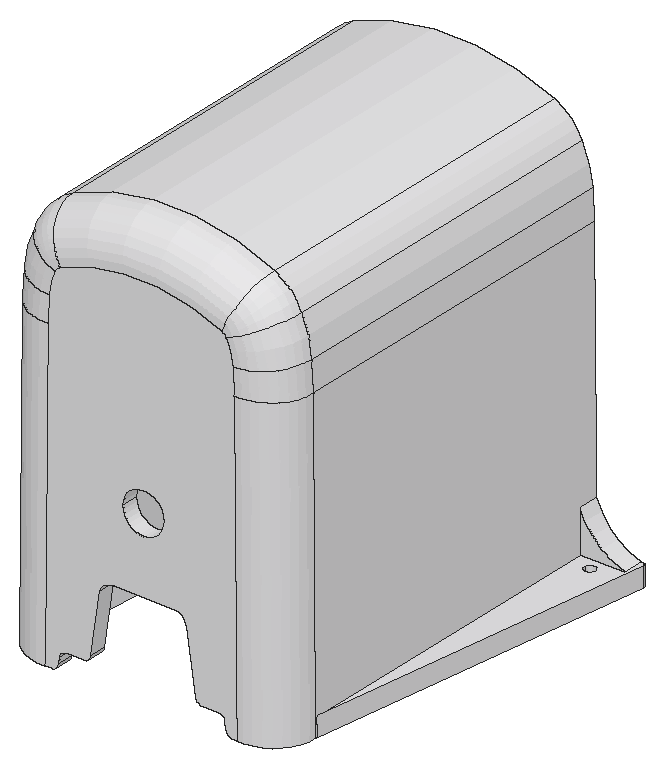
Revit family "Sink-Semipedestal-Lavatory-KOHLER-Panache-17154W", category Specialty Equipment, host Face, Revit 2017
Family settings
  Host = Face
  Round Connector Dimension = Use Diameter
  Part Type = Normal
  OmniClass Number = 23.31.13.00
  OmniClass Title = Sinks
  Cut with Voids When Loaded = No
  Shared = No
  Room Calculation Point = No
Parameters (values of type "0-White")
  Width = 10 193/256"  # constant formula
  WaterSense Certified = 1 = 0  # no
  URL = "https://www.kohler.co.uk/"
  Type = 1
  Product Page URL = "https://www.kohler.co.uk/candide-semi-pedestal-for-candide/"
  Product Name = "Panache"  # constant formula
  Product Documentation Link = ""
  Model = "17154W-0"  # constant formula
  Material = "Vitreous China"  # constant formula
  Master Format 2014 Name = "Residential Lavatories and Sinks"  # constant formula
  Master Format 2014 = "22 41 16"  # constant formula
  Manufacturer Address = "Cromwell Road, Cheltenham, Gloucestershire. GL52 5EP Registered in England No. 252115"  # constant formula
  Manufacturer = "KOHLER Co."  # constant formula
  Length = 12 13/128"  # constant formula
  Height = 11 9/64"  # constant formula
  Finish = Kohler-Vitreous_China-0-White
  Environmental Product Declaration = ""
  Description = "Semi-pedestal for Candide"  # constant formula
  Default Elevation = 25"
  Declare Label = ""
  Date Modified = "04/29/2021"  # constant formula
  Date Created = "04/29/2021"  # constant formula
  Copyright = "Copyright KOHLER Co."  # constant formula
  Contact Us = "https://www.kohler.co.uk/support/contact/"
  Assembly Code = "D2010400"
  ADA Compliant = 1 = 0  # no
Reference planes (in)
  plane 1 "Center (Front/Back)": y = 0
  plane 2: z = 0
  plane 3 "Center (Left/Right)": x = 0
  plane 4: z = 12.10156
  plane 5: z = 11.09069
  plane 6: z = 8.93764
  plane 7: z = 4.84252
  plane 8: z = 2.55906
  plane 9: y = -11.14063
  plane 10: x = -5.37614
  plane 11: x = 5.37777
  plane 12: x = -4.52756
  plane 13: x = 4.52756
  plane 14: y = -0.94488
Dimensions and locks (in)
  "Width": plane 11 to plane 10
  "Length": plane 4 to level
  "Height": plane 1 "Center (Front/Back)" to plane 9
  plane 12 to plane 13 = 9.05512"
  plane 10 to plane 11 = 10 193/256"
  plane 9 to plane 1 "Center (Front/Back)" = 11 9/64"
  plane 14 to plane 1 "Center (Front/Back)" = 0.94488"
  aligned and locked: plane 2 to host face
  aligned and locked: level to host face
Automatic sketch dimensions
  host sketch curve to host sketch curve = 96"  (x2)
Nested families (in)
  nested 1: "17154W" at (0, -11.14173, 8.93764) x (1, 0, 0) z (0, 1, 0), type "17154W"
Definition of nested family "17154W"
  Parameters (values of type "17154W")
    Material = none
    Default Elevation = 48"
  Reference planes (in)
    plane 1 "Center (Front/Back)": y = 0
    plane 2: z = 0
    plane 3 "Center (Left/Right)": x = 0
    plane 4: y = -2.15305
    plane 5: y = 8.93764
    plane 6: y = 4.09512
    plane 7: y = -3.16435
    plane 8: z = 11.14173
    plane 9: y = 6.37858
    plane 10: x = -4.52756
    plane 11: x = 4.52756
    plane 12: x = -5.37614
    plane 13: x = 5.37614
    plane 14: z = 10.19685
  Forms (in)
    Extrusion 1, solid, material <- "Material", detail levels medium+fine
      sketch origin (0, 0, 0) x (1, 0, 0) y (0, 0, 1)
        loop
          line (3.95432, 1.20423) -> (5.34748, 11.06487)
          arc (5.34748, 11.06487) -> (5.33162, 11.11852) -> (5.28072, 11.14173) r 0.06743
          line (5.28072, 11.14173) -> (3.95432, 11.14173) -> (3.95432, 1.20423)
      from -8.94321 to -8.38646
    Sweep 2, solid, material <- "Material", detail levels medium+fine
      path origin (0, 0, 0) x (1, 0, 0) y (0, 1, 0)
        loop
          line (3.96047, 8.93764) -> (3.88845, 0.17597)
          arc (3.88845, 0.17597) -> (3.87549, -0.24591) -> (3.84359, -0.66678) r 9.39005
          arc (3.84359, -0.66678) -> (3.74153, -1.22657) -> (3.54919, -1.76209) r 3.46403
          arc (3.54919, -1.76209) -> (3.22789, -2.22637) -> (2.76471, -2.54923) r 1.59137
          arc (2.76471, -2.54923) -> (-0.08712, -3.17261) -> (-2.93895, -2.54923) r 6.835
          arc (-2.93895, -2.54923) -> (-3.40213, -2.22637) -> (-3.72343, -1.76209) r 1.59137
          arc (-3.72343, -1.76209) -> (-3.91577, -1.22657) -> (-4.01783, -0.66678) r 3.46403
          arc (-4.01783, -0.66678) -> (-4.04973, -0.24591) -> (-4.06269, 0.17597) r 9.39005
          line (-4.06269, 0.17597) -> (-4.13471, 8.93764)
      profile origin (3.92446, 4.5568, 0) x (0.999966, -0.00822, 0) y (0, 0, 1)
        loop
          line (-0.00548, 11.14173) -> (-0.56752, 11.14173) -> (-0.56752, 1.1851)
          arc (-0.56752, 1.1851) -> (-0.79564, 0.66574) -> (-1.32569, 0.46373) r 0.73457
          line (-1.32569, 0.46373) -> (-1.32569, 0)
          arc (-1.32569, 0) -> (-0.40134, 0.29707) -> (-0.00548, 1.18363) r 1.1907
          line (-0.00548, 1.18363) -> (-0.00548, 11.14173)
    Extrusion 3, solid, material <- "Material", detail levels medium+fine
      sketch origin (0, 0, 0) x (1, 0, 0) y (0, 1, 0)
        loop
          line (2.63473, 8.93764) -> (-2.80897, 8.93764) -> (-2.73704, 0.18687)
          arc (-2.73704, 0.18687) -> (-2.72591, -0.17545) -> (-2.69852, -0.53691) r 8.06435
          arc (-2.69852, -0.53691) -> (-2.63551, -0.88246) -> (-2.51678, -1.21304) r 2.13833
          arc (-2.51678, -1.21304) -> (-2.46314, -1.29055) -> (-2.38582, -1.34445) r 0.26567
          arc (-2.38582, -1.34445) -> (-0.08712, -1.84691) -> (2.21158, -1.34445) r 5.50931
          arc (2.21158, -1.34445) -> (2.2889, -1.29055) -> (2.34254, -1.21304) r 0.26567
          arc (2.34254, -1.21304) -> (2.46127, -0.88246) -> (2.52428, -0.53691) r 2.13833
          arc (2.52428, -0.53691) -> (2.55167, -0.17545) -> (2.5628, 0.18687) r 8.06435
          line (2.5628, 0.18687) -> (2.63473, 8.93764)
      from 0 to 0.46373
    Extrusion 4, void
      sketch origin (0.09843, 0, 0) x (1, 0, 0) y (0, 1, 0)
        loop
          line (1.1197, 6.54828) -> (1.37121, 8.2437)
          arc (1.37121, 8.2437) -> (1.43498, 8.35955) -> (1.55894, 8.40563) r 0.18978
          line (1.55894, 8.40563) -> (2.02165, 8.40563)
          arc (2.02165, 8.40563) -> (2.15023, 8.45342) -> (2.21637, 8.5736) r 0.19685
          line (2.21637, 8.5736) -> (2.24546, 8.76967)
          arc (2.24546, 8.76967) -> (2.3116, 8.88985) -> (2.44018, 8.93764) r 0.19685
          line (2.44018, 8.93764) -> (-2.71909, 8.93764)
          arc (-2.71909, 8.93764) -> (-2.59051, 8.88985) -> (-2.52437, 8.76967) r 0.19685
          line (-2.52437, 8.76967) -> (-2.49528, 8.5736)
          arc (-2.49528, 8.5736) -> (-2.42914, 8.45342) -> (-2.30056, 8.40563) r 0.19685
          line (-2.30056, 8.40563) -> (-1.79473, 8.40563)
          arc (-1.79473, 8.40563) -> (-1.66616, 8.35784) -> (-1.60001, 8.23767) r 0.19685
          line (-1.60001, 8.23767) -> (-1.33968, 6.48276)
          arc (-1.33968, 6.48276) -> (-1.21136, 6.30011) -> (-1.00369, 6.21828) r 0.38835
          arc (-1.00369, 6.21828) -> (-0.1178, 6.18111) -> (0.76809, 6.21828) r 10.57691
          arc (0.76809, 6.21828) -> (1.00132, 6.32209) -> (1.1197, 6.54828) r 0.38835
      from -0.29725 to 0.7874
    Extrusion 5, void
      sketch origin (0, 0, 0) x (1, 0, 0) y (0, 1, 0)
        loop
          circle (0, 4.07666) r 0.59055
      from -0.94089 to 1.65465
    Extrusion 6, void
      sketch origin (-0.1162, 0, 0.03691) x (-1, 0, 0) y (0, 0, -1)
        loop
          circle (-4.64376, -10.15791) r 0.15626
      from -10.66406 to -7.74527
    Extrusion 7, void
      sketch origin (0.1162, 0, 0.03691) x (1, 0, 0) y (0, 0, 1)
        loop
          circle (-4.64376, 10.15791) r 0.15626
      from -10.66406 to -7.74527
    Extrusion 8, solid, material <- "Material", detail levels medium+fine
      sketch origin (-0.17424, 0, 0) x (-1, 0, 0) y (0, 0, -1)
        loop
          arc (2.49999, -10.40472) -> (2.55404, -10.55675) -> (2.70336, -10.6179) r 0.19774
          arc (2.70336, -10.6179) -> (2.8112, -10.61849) -> (2.9187, -10.62704) r 1.45857
          arc (2.9187, -10.62704) -> (3.01719, -10.64197) -> (3.11442, -10.66359) r 1.45857
          arc (3.11442, -10.66359) -> (3.23882, -10.72421) -> (3.3297, -10.82856) r 0.34749
          arc (3.3297, -10.82856) -> (3.351, -10.88207) -> (3.35699, -10.93934) r 0.21048
          arc (3.35699, -10.93934) -> (3.36477, -11.02131) -> (3.39297, -11.09867) r 0.32379
          line (3.39297, -11.09867) -> (3.39297, -1.1851)
          spline (3.39297, -1.1851) -> (3.38525, -1.09094) -> (3.36551, -0.99855) -> (3.33407, -0.90945) -> (3.29146, -0.82513) -> (3.23838, -0.74698) -> (3.17571, -0.67628) -> (3.10448, -0.61421) -> (3.02588, -0.5618) -> (2.94119, -0.51991) -> (2.85184, -0.48924) -> (2.75928, -0.47029) -> (2.66506, -0.46338)
          arc (2.66506, -0.46338) -> (3.06606, -0.69157) -> (3.22026, -1.12642) r 0.66132
          arc (3.22026, -1.12642) -> (3.21463, -1.30597) -> (3.20334, -1.48525) r 5.69005
          line (3.20334, -1.48525) -> (2.49999, -10.40472)
      from -8.93764 to -8.38646
    Extrusion 9, solid, material <- "Material", detail levels medium+fine
      sketch origin (0.00661, 0, 0) x (1, 0, 0) y (0, 0, 1)
        loop
          line (2.49999, 10.40472) -> (3.20334, 1.48525)
          arc (3.20334, 1.48525) -> (3.21463, 1.30597) -> (3.22026, 1.12642) r 5.69005
          arc (3.22026, 1.12642) -> (3.06606, 0.69157) -> (2.66506, 0.46338) r 0.66132
          spline (2.66506, 0.46338) -> (2.75214, 0.46934) -> (2.83789, 0.48558) -> (2.92112, 0.51189) -> (3.00063, 0.54788) -> (3.07532, 0.59304) -> (3.14412, 0.64675) -> (3.20606, 0.70824) -> (3.26028, 0.77664) -> (3.306, 0.85099) -> (3.34258, 0.93024) -> (3.3695, 1.01327) -> (3.38638, 1.09891)
          line (3.38638, 1.09891) -> (3.38638, 11.08516)
          arc (3.38638, 11.08516) -> (3.3632, 11.01396) -> (3.35699, 10.93934) r 0.32379
          arc (3.35699, 10.93934) -> (3.351, 10.88207) -> (3.3297, 10.82856) r 0.21048
          arc (3.3297, 10.82856) -> (3.23882, 10.72421) -> (3.11442, 10.66359) r 0.34749
          arc (3.11442, 10.66359) -> (3.01719, 10.64197) -> (2.9187, 10.62704) r 1.45857
          arc (2.9187, 10.62704) -> (2.8112, 10.61849) -> (2.70336, 10.6179) r 1.45857
          arc (2.70336, 10.6179) -> (2.55404, 10.55675) -> (2.49999, 10.40472) r 0.19774
      from -8.93764 to -8.38646
    Extrusion 10, solid, material <- "Material", detail levels medium+fine
      sketch origin (-0.16609, 0, 0) x (-1, 0, 0) y (0, 0, -1)
        loop
          line (3.95432, -2.09401) -> (3.95432, -11.14173) -> (5.15501, -11.14173)
          arc (5.15501, -11.14173) -> (5.20591, -11.11852) -> (5.22177, -11.06487) r 0.06743
          line (5.22177, -11.06487) -> (3.95432, -2.09401)
      from -8.94321 to -8.38646
    Extrusion 11, solid, material <- "Material", detail levels medium+fine
      sketch origin (0, 0, 0) x (1, 0, 0) y (0, 1, 0)
        loop
          arc (3.94029, 7.1637) -> (4.43352, 7.92022) -> (5.20667, 8.38695) r 2.02426
          line (5.20667, 8.38695) -> (3.94029, 8.38695) -> (3.94029, 7.1637)
      from 10.56371 to 11.14173
    Extrusion 12, solid, material <- "Material", detail levels medium+fine
      sketch origin (-0.04921, 0, 0) x (-1, 0, 0) y (0, -1, 0)
        loop
          line (4.0712, -7.42762) -> (4.0712, -8.38695) -> (5.31612, -8.38695)
          arc (5.31612, -8.38695) -> (4.59675, -8.03304) -> (4.0712, -7.42762) r 2.02426
      from 10.56371 to 11.14173
    Extrusion 13, solid, material <- "Material", detail levels coarse
      sketch origin (0, 0, 0) x (1, 0, 0) y (0, 1, 0)
        loop
          line (-5.38852, 8.94321) -> (-5.38852, 8.35266)
          arc (-5.38852, 8.35266) -> (-4.72706, 8.0891) -> (-4.21884, 7.59041) r 1.80645
          line (-4.21884, 7.59041) -> (-4.21884, 0)
          arc (-4.21884, 0) -> (-4.11935, -0.96354) -> (-3.8251, -1.88642) r 4.71588
          arc (-3.8251, -1.88642) -> (-0.04921, -3.69246) -> (3.72668, -1.88642) r 4.85014
          arc (3.72668, -1.88642) -> (4.02093, -0.96354) -> (4.12041, 0) r 4.71588
          line (4.12041, 0) -> (4.12041, 7.42762)
          arc (4.12041, 7.42762) -> (4.64875, 8.03507) -> (5.38852, 8.35266) r 1.80645
          line (5.38852, 8.35266) -> (5.38852, 8.94321) -> (-5.38852, 8.94321)
      from 0 to 11.36231
    Extrusion 14, void
      sketch origin (0, 0, 0) x (1, 0, 0) y (0, 1, 0)
        loop
          arc (-3.49519, 0.18063) -> (-3.48301, -0.21575) -> (-3.45304, -0.61118) r 8.82253
          arc (-3.45304, -0.61118) -> (-3.3677, -1.07926) -> (-3.20688, -1.52704) r 2.89651
          arc (-3.20688, -1.52704) -> (-3.00016, -1.82575) -> (-2.70216, -2.03347) r 1.02385
          arc (-2.70216, -2.03347) -> (-0.08712, -2.60509) -> (2.52792, -2.03347) r 6.26748
          arc (2.52792, -2.03347) -> (2.82592, -1.82575) -> (3.03264, -1.52704) r 1.02385
          arc (3.03264, -1.52704) -> (3.19346, -1.07926) -> (3.2788, -0.61118) r 2.89651
          arc (3.2788, -0.61118) -> (3.30877, -0.21575) -> (3.32095, 0.18063) r 8.82253
          line (3.32095, 0.18063) -> (3.39298, 8.94321) -> (-3.56722, 8.94321) -> (-3.49519, 0.18063)
      from 0.616 to 13.95004
  Cuts and joins
    Extrusion 4, Extrusion 5 cuts Sweep 2
    Extrusion 4, Extrusion 5 cuts Extrusion 3
    joined: Sweep 2, Extrusion 3
    Extrusion 6, Extrusion 7 cuts Extrusion 1
    Extrusion 7 cuts Extrusion 10
    Extrusion 14 cuts Extrusion 13
  Lines and regions (in)
    Masking region 1
      outline origin (0, 0, 0) x (0, 1, 0) y (0, 0, 1)
        loop
          line (-2.0356, 0) -> (8.93764, 0) -> (8.93764, 11.14173) -> (-3.16435, 11.14173) -> (-3.16435, 1.28132)
          arc (-3.16435, 1.28132) -> (-2.87358, 0.39963) -> (-2.0356, 0) r 1.18192
    Masking region 2
      outline origin (0, 0, 0) x (1, 0, 0) y (0, 0, 1)
        loop
          line (-2.91845, 0) -> (2.65943, 0)
          spline (2.65943, 0) -> (2.79794, -0.00703) -> (2.93634, 0.00209) -> (3.07273, 0.02725) -> (3.20527, 0.0681) -> (3.33216, 0.12408) -> (3.45169, 0.19444) -> (3.56222, 0.27822) -> (3.66225, 0.37429) -> (3.75044, 0.48134) -> (3.82558, 0.59792) -> (3.88666, 0.72244) -> (3.93284, 0.85323)
          line (3.93284, 0.85323) -> (5.37337, 11.04915)
          arc (5.37337, 11.04915) -> (5.36668, 11.11206) -> (5.31081, 11.14173) r 0.06743
          line (5.31081, 11.14173) -> (-0.32487, 11.14173) -> (-5.31081, 11.14173)
          arc (-5.31081, 11.14173) -> (-5.36668, 11.11206) -> (-5.37337, 11.04915) r 0.06743
          line (-5.37337, 11.04915) -> (-3.93284, 0.85323)
          spline (-3.93284, 0.85323) -> (-3.89485, 0.74246) -> (-3.84617, 0.63596) -> (-3.78727, 0.53476) -> (-3.7187, 0.43983) -> (-3.64115, 0.35209) -> (-3.55535, 0.2724) -> (-3.46214, 0.20152) -> (-3.36242, 0.14015) -> (-3.25715, 0.08886) -> (-3.14735, 0.04816) -> (-3.03409, 0.01845) -> (-2.91845, 0)
        loop
          circle (-4.52756, 10.19482) r 0.15626
        loop
          circle (4.52756, 10.19482) r 0.15626
    Masking region 3
      outline origin (0, 0, 0) x (1, 0, 0) y (0, 1, 0)
        loop
          arc (2.76242, -2.54425) -> (3.22401, -2.2225) -> (3.54421, -1.75982) r 1.58589
          arc (3.54421, -1.75982) -> (3.73623, -1.22515) -> (3.83814, -0.66625) r 3.45855
          arc (3.83814, -0.66625) -> (3.87002, -0.24562) -> (3.88297, 0.17601) r 9.38457
          line (3.88297, 0.17601) -> (3.93989, 7.10037)
          arc (3.93989, 7.10037) -> (4.47498, 7.98379) -> (5.37625, 8.48822) r 2.02426
          line (5.37625, 8.48822) -> (5.37625, 8.93764) -> (2.34175, 8.93764)
          arc (2.34175, 8.93764) -> (2.21318, 8.88985) -> (2.14703, 8.76967) r 0.19685
          line (2.14703, 8.76967) -> (2.11795, 8.5736)
          arc (2.11795, 8.5736) -> (2.0518, 8.45342) -> (1.92323, 8.40563) r 0.19685
          line (1.92323, 8.40563) -> (1.55894, 8.40563)
          arc (1.55894, 8.40563) -> (1.43498, 8.35955) -> (1.37121, 8.2437) r 0.18978
          line (1.37121, 8.2437) -> (1.1197, 6.54828)
          arc (1.1197, 6.54828) -> (1.00132, 6.32209) -> (0.76809, 6.21828) r 0.38835
          arc (0.76809, 6.21828) -> (-0.06061, 6.18127) -> (-0.88966, 6.20932) r 10.57691
          arc (-0.88966, 6.20932) -> (-1.1288, 6.31344) -> (-1.25037, 6.5442) r 0.3937
          line (-1.25037, 6.5442) -> (-1.50159, 8.23767)
          arc (-1.50159, 8.23767) -> (-1.56773, 8.35784) -> (-1.69631, 8.40563) r 0.19685
          line (-1.69631, 8.40563) -> (-2.15292, 8.40563)
          arc (-2.15292, 8.40563) -> (-2.2815, 8.45342) -> (-2.34764, 8.5736) r 0.19685
          line (-2.34764, 8.5736) -> (-2.37673, 8.76967)
          arc (-2.37673, 8.76967) -> (-2.44287, 8.88985) -> (-2.57145, 8.93764) r 0.19685
          line (-2.57145, 8.93764) -> (-5.37625, 8.93764) -> (-5.37625, 8.3898)
          arc (-5.37625, 8.3898) -> (-4.6475, 8.03422) -> (-4.11677, 7.42116) r 2.02426
          line (-4.11677, 7.42116) -> (-4.05721, 0.17601)
          arc (-4.05721, 0.17601) -> (-4.04426, -0.24562) -> (-4.01238, -0.66625) r 9.38457
          arc (-4.01238, -0.66625) -> (-3.91047, -1.22515) -> (-3.71845, -1.75982) r 3.45855
          arc (-3.71845, -1.75982) -> (-3.39825, -2.2225) -> (-2.93666, -2.54425) r 1.58589
          arc (-2.93666, -2.54425) -> (-0.08712, -3.16713) -> (2.76242, -2.54425) r 6.82952
        loop
          circle (0, 4.07666) r 0.59055
    symbolic lines, detail levels medium+fine
      curve 1: line (0, 8.38646, 11.14173) -> (0, 8.38646, 1.77494)
      curve 2: line (0, 8.94321, 1.77494) -> (0, 8.38646, 1.77494)
      curve 3: arc (2.52792, -2.03347, 0) -> (-0.08712, -2.60509, 0) -> (-2.70216, -2.03347, 0) r 6.26748
      curve 4: arc (-2.70216, -2.03347, 0) -> (-3.00016, -1.82575, 0) -> (-3.20688, -1.52704, 0) r 1.02385
      curve 5: arc (-3.20688, -1.52704, 0) -> (-3.3677, -1.07926, 0) -> (-3.45304, -0.61118, 0) r 2.89651
      curve 6: arc (-3.45304, -0.61118, 0) -> (-3.48301, -0.21575, 0) -> (-3.49519, 0.18063, 0) r 8.82253
      curve 7: line (-3.49519, 0.18063, 0) -> (-3.56721, 8.9423, 0)
      curve 8: line (-3.56264, 8.38646, 0) -> (-2.80444, 8.38646, 0)
      curve 9: line (-2.80897, 8.93764, 0) -> (-2.73704, 0.18687, 0)
      curve 10: arc (-2.73704, 0.18687, 0) -> (-2.72591, -0.17545, 0) -> (-2.69852, -0.53691, 0) r 8.06435
      curve 11: arc (-2.69852, -0.53691, 0) -> (-2.63551, -0.88246, 0) -> (-2.51678, -1.21304, 0) r 2.13833
      curve 12: arc (-2.51678, -1.21304, 0) -> (-2.46314, -1.29055, 0) -> (-2.38582, -1.34445, 0) r 0.26567
      curve 13: arc (-2.38582, -1.34445, 0) -> (-0.08712, -1.84691, 0) -> (2.21158, -1.34445, 0) r 5.50931
      curve 14: arc (2.34254, -1.21304, 0) -> (2.46127, -0.88246, 0) -> (2.52428, -0.53691, 0) r 2.13833
      curve 15: arc (2.52428, -0.53691, 0) -> (2.55167, -0.17545, 0) -> (2.5628, 0.18687, 0) r 8.06435
      curve 16: arc (2.21158, -1.34445, 0) -> (2.2889, -1.29055, 0) -> (2.34254, -1.21304, 0) r 0.26567
      curve 17: line (2.5628, 0.18687, 0) -> (2.63473, 8.93764, 0)
      curve 18: line (2.6302, 8.38646, 0) -> (3.3884, 8.38646, 0)
      curve 19: line (3.39297, 8.9423, 0) -> (3.32095, 0.18063, 0)
      curve 20: arc (3.32095, 0.18063, 0) -> (3.30877, -0.21575, 0) -> (3.2788, -0.61118, 0) r 8.82253
      curve 21: arc (3.2788, -0.61118, 0) -> (3.19346, -1.07926, 0) -> (3.03264, -1.52704, 0) r 2.89651
      curve 22: arc (3.03264, -1.52704, 0) -> (2.82592, -1.82575, 0) -> (2.52792, -2.03347, 0) r 1.02385
      curve 23: line (3.93989, 8.94321, 0) -> (3.93989, 7.10036, 0)
      curve 24: line (-4.11676, 7.42034, 0) -> (-4.11676, 8.94321, 0)
      curve 25: line (2.68885, 0, 0.46373) -> (-2.80897, 0, 0.46373)
      curve 26: spline (2.68885, 0, 0.46373) -> (2.77435, 0, 0.47151) -> (2.85836, 0, 0.48922) -> (2.93972, 0, 0.5166) -> (3.01734, 0, 0.55329) -> (3.09014, 0, 0.59879) -> (3.15714, 0, 0.65247) -> (3.21742, 0, 0.7136) -> (3.27016, 0, 0.78135) -> (3.31463, 0, 0.85479) -> (3.35022, 0, 0.93291) -> (3.37646, 0, 1.01466) -> (3.39299, 0, 1.09891)
      curve 27: line (3.39299, 0, 1.09891) -> (3.39299, 0, 11.14173)
      curve 28: line (-4.1281, 0, 2.23527) -> (-4.1281, 0, 11.14173)
      curve 29: line (4.02968, 0, 1.53862) -> (4.02968, 0, 11.14173)
      curve 30: line (-4.11676, 8.38646, 0) -> (-5.36347, 8.38646, 0)
      curve 31: line (3.93989, 8.38646, 0) -> (5.0791, 8.38646, 0)
      curve 32: spline (-2.68885, 0, 0.46373) -> (-2.77435, 0, 0.47151) -> (-2.85836, 0, 0.48922) -> (-2.93972, 0, 0.5166) -> (-3.01734, 0, 0.55329) -> (-3.09014, 0, 0.59879) -> (-3.15714, 0, 0.65247) -> (-3.21742, 0, 0.7136) -> (-3.27016, 0, 0.78135) -> (-3.31463, 0, 0.85479) -> (-3.35022, 0, 0.93291) -> (-3.37646, 0, 1.01466) -> (-3.39299, 0, 1.09891)
      curve 33: line (-3.39299, 0, 1.09891) -> (-3.39299, 0, 11.14173)
  Dimensions and locks (in)
    level to plane 8 = 11.14173"  (x2)
    plane 10 to plane 11 = 9.05512"  (x2)
    plane 12 to plane 13 = 10.75228"  (x2)
    plane 6 to plane 5 = 4.84252"
    plane 8 to plane 14 = 0.94488"
    plane 8 to level = 11.14173"
    plane 10 to plane 3 "Center (Left/Right)" = 4.52756"
    plane 13 to plane 12 = 10.75228"
    plane 14 to plane 8 = 0.94488"
    plane 5 to plane 7 = 12.10199"
    plane 7 to plane 5 = 12.10199"
    aligned and locked: level to plane 2
